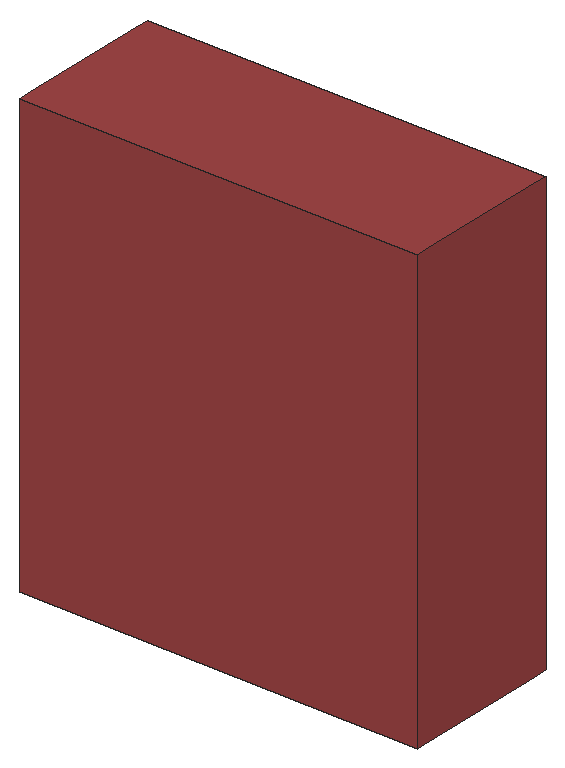
Revit family "FireFighting_Fire-Reel-Box-Exposed_Galvin_381905", category Mechanical Equipment, Revit 2012
Parameters (values of type "381905")
  URL = "www.galvinengineering.com.au"
  Type Comments = "381905"
  StyleOrType_ANZRS = "Fire Fighting Equipment"
  ModifiedIssue_ANZRS = 20140514.01  # constant formula
  Model = "381905"
  Manufacturer = "Galvin Engineering"
  Keynote = "10520"
  Instructions = "http://www.galvinengineering.com.au/Installation_Guides_1.aspx"
  FilterObject_ANZRS = "381905"
  DimWidth = 900.0 mm  # constant formula
  DimHeight = 1000.0 mm  # constant formula
  DimDepth = 360.0 mm  # constant formula
  Description = "Type A Standard Fire Reel Box Exposed (Painted)"
  CreatedBy_ANZRS = "Galvin Engineering"
  CreatedByURL_ANZRS = "www.galvinengineering.com.au"
  CreatedByPhoneNo_ANZRS = "61-8-92495900"
  Assembly Code = "D4030"
Reference planes
  plane 1 "Center (Front/Back)": y = -120
  plane 2 "Bottom": z = 0
  plane 3 "Center (Left/Right)": x = 0
  plane 4 "Back": y = 60
  plane 5 "Front": y = -300
  plane 6 "Left": x = -450
  plane 7 "Right": x = 450
  plane 8: z = 1000
Forms (mm)
  Extrusion 1, solid, material "Metal_Fire-Fighting_Zincalume-Steel-Powder-Coated_15400"
    sketch origin (0, -120, 0) x (1, 0, 0) y (0, 0, 1)
      loop
        line (-450, 1000) -> (-450, 0) -> (450, 0) -> (450, 1000) -> (-450, 1000)
      loop
        line (-425, 25) -> (425, 25) -> (425, 975) -> (-425, 975) -> (-425, 25)
    from -180 to 180
  Extrusion 2, solid, material "Metal_Fire-Fighting_Zincalume-Steel-Powder-Coated_15400"
    sketch origin (0, -300, 0) x (1, 0, 0) y (0, 0, -1)
      loop
        line (-450, -1000) -> (450, -1000) -> (450, 0) -> (-450, 0) -> (-450, -1000)
    from 0 to 25
  Extrusion 3, solid, material "Metal_Fire-Fighting_Zincalume-Steel-Powder-Coated_15400"
    sketch origin (0, 60, 0) x (1, 0, 0) y (0, 0, 1)
      loop
        line (-450, 1000) -> (-450, 0) -> (450, 0) -> (450, 1000) -> (-450, 1000)
    from 0 to 25
Cuts and joins
  joined: Extrusion 1, Extrusion 2, Extrusion 3
Lines and regions (mm)
  model lines, detail levels medium+fine
    curve 1: line (-415, -300, 965) -> (-415, -300, 35)
    curve 2: line (415, -300, 965) -> (-415, -300, 965)
    curve 3: line (-415, -300, 35) -> (415, -300, 35)
    curve 4: line (415, -300, 35) -> (415, -300, 965)
    curve 5: line (-405, -300, 45) -> (405, -300, 45)
    curve 6: line (-405, -300, 955) -> (-405, -300, 45)
    curve 7: line (405, -300, 955) -> (-405, -300, 955)
    curve 8: line (405, -300, 45) -> (405, -300, 955)
    curve 26: line (-285.401, -300, 523.77) -> (361.599, -300, 523.77)
    curve 27: line (-285.401, -300, 458.77) -> (-285.401, -300, 523.77)
    curve 28: line (361.599, -300, 458.77) -> (-285.401, -300, 458.77)
    curve 29: line (361.599, -300, 523.77) -> (361.599, -300, 458.77)
  model lines, detail levels fine
    curve 9: line (-354.159, -300, 532.375) -> (-354.159, -300, 447.375)
    curve 10: line (-327.159, -300, 532.375) -> (-354.159, -300, 532.375)
    curve 11: line (-327.159, -300, 447.375) -> (-327.159, -300, 532.375)
    curve 12: line (-354.159, -300, 447.375) -> (-327.159, -300, 447.375)
    curve 13: line (-352.159, -300, 449.375) -> (-329.159, -300, 449.375)
    curve 14: line (-352.159, -300, 530.375) -> (-352.159, -300, 449.375)
    curve 15: line (-329.159, -300, 530.375) -> (-352.159, -300, 530.375)
    curve 16: line (-329.159, -300, 449.375) -> (-329.159, -300, 530.375)
    curve 17: line (-349.159, -300, 517.375) -> (-332.159, -300, 517.375)
    curve 18: line (-349.159, -300, 463.375) -> (-349.159, -300, 517.375)
    curve 19: line (-332.159, -300, 463.375) -> (-349.159, -300, 463.375)
    curve 20: line (-332.159, -300, 517.375) -> (-332.159, -300, 463.375)
    curve 21: line (-349.159, -300, 478.875) -> (-332.159, -300, 478.875)
    curve 22: line (-354.159, -300, 532.375) -> (-352.159, -300, 530.375)
    curve 23: line (-327.159, -300, 532.375) -> (-329.159, -300, 530.375)
    curve 24: line (-327.159, -300, 447.375) -> (-329.159, -300, 449.375)
    curve 25: line (-352.159, -300, 449.375) -> (-354.159, -300, 447.375)
Dimensions and locks
  "DimHeight": plane 8 to plane 2 "Bottom"
  "DimWidth": plane 6 "Left" to plane 7 "Right"
  "DimDepth": plane 5 "Front" to plane 4 "Back"
  equal spacing: plane 6 "Left", plane 3 "Center (Left/Right)", plane 7 "Right"
  aligned and locked: plane 2 "Bottom" to level
  aligned and locked: Extrusion 1 sketch curve to plane 6 "Left"
  aligned and locked: Extrusion 1 sketch curve to plane 8
  aligned and locked: plane 7 "Right" to Extrusion 1 sketch curve
  aligned and locked: Extrusion 1 to plane 4 "Back"
  aligned and locked: Extrusion 1 to plane 5 "Front"
  aligned and locked: Extrusion 2 sketch curve to plane 6 "Left"
  aligned and locked: Extrusion 2 sketch curve to plane 8
  aligned and locked: plane 7 "Right" to Extrusion 2 sketch curve
  aligned and locked: Extrusion 3 sketch curve to plane 6 "Left"
  aligned and locked: Extrusion 3 sketch curve to plane 8
  aligned and locked: plane 7 "Right" to Extrusion 3 sketch curve
  aligned and locked: plane 2 "Bottom" to Extrusion 1 sketch curve
  aligned and locked: Extrusion 2 sketch curve to plane 2 "Bottom"
  aligned and locked: Extrusion 3 sketch curve to plane 2 "Bottom"
Automatic sketch dimensions
  plane 6 "Left" to Extrusion 1 sketch curve = 25.0 mm
  plane 7 "Right" to Extrusion 1 sketch curve = 25.0 mm
  plane 8 to Extrusion 1 sketch curve = 25.0 mm
  level to Extrusion 1 sketch curve = 25.0 mm
  curve 1 to plane 6 "Left" = 35.0 mm
  curve 1 to curve 7 = 10.0 mm
  curve 22 to plane 6 "Left" = 95.841 mm
  curve 9 to curve 13 = 2.0 mm
  curve 13 to curve 21 = 3.0 mm
  curve 18 to curve 19 = 17.0 mm
  curve 19 to curve 16 = 3.0 mm
  curve 13 to curve 12 = 2.0 mm
  curve 11 to curve 27 = 41.759 mm
  curve 28 to plane 7 "Right" = 88.401 mm
  curve 7 to plane 7 "Right" = 45.0 mm
  curve 5 to curve 3 = 10.0 mm
  curve 1 to level = 35.0 mm
  curve 1 to curve 5 = 10.0 mm
  curve 5 to curve 12 = 402.375 mm
  curve 9 to curve 14 = 2.0 mm
  curve 5 to curve 29 = 413.77 mm
  curve 13 to curve 20 = 14.0 mm
  curve 18 to curve 21 = 15.5 mm
  curve 21 to curve 20 = 38.5 mm
  curve 28 to curve 29 = 65.0 mm
  curve 17 to curve 14 = 13.0 mm
  curve 14 to curve 22 = 2.0 mm
  curve 8 to plane 8 = 45.0 mm
  curve 6 to curve 2 = 10.0 mm
